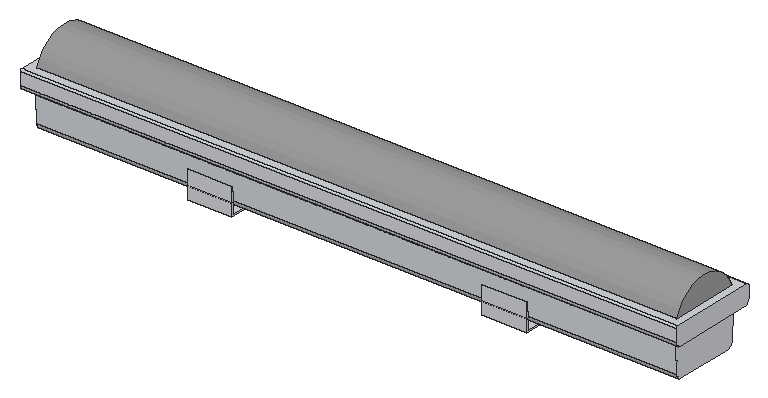
Revit family "0010205", category Lighting Fixtures, host Face, Revit 2017
Family settings
  Host = Face
  Round Connector Dimension = Use Diameter
  Part Type = Normal
  OmniClass Number = 23.80.70.00
  OmniClass Title = Lighting
  Cut with Voids When Loaded = No
  Light Source = Yes
  Shared = No
  Room Calculation Point = No
Parameters (values of type "0010205 RESISTO 600 IP66 2500LM 865")
  Weight = "0.88 kg"
  Wattage Comments = ""
  Wattage = 19 W
  WarrantyStartDate [instance] = "n/a"
  WarrantyGuarantorParts = "n/a"
  WarrantyDurationUnit = "n/a"
  WarrantyDurationParts = "n/a"
  WarrantyDescription = "n/a"
  WIDTH_SYL = 44.5 mm
  built-in parameter 1150110 = 1 (stored number, unit not read)
  Voltage = 0 V
  URL = "http://www.sylvania-lighting.com"
  TypeName = "Resisto  600 IP66 2500lm 865"
  Type Image = <None>
  Type Comments = "n/a"
  built-in parameter 1114217 = 1 (stored number, unit not read)
  Tilt Angle = -90.00°
  built-in parameter 1150109 = 1 (stored number, unit not read)
  built-in parameter 1150134 = 1
  TOP_WIDTH_SYL = 33.5 mm
  built-in parameter 1150113 = 1 (stored number, unit not read)
  SerialNumber [instance] = "n/a"
  Photometric Web File = "0010205.ies"
  Material_3_SYL = none
  PowerFactor = 1
  PowerConsumption = "19 W"
  NominalLength = 650 mm
  NominalHeight = 80 mm
  NominalDepth = 87 mm
  Name = "Resisto  600 IP66 2500lm 865"
  ModelReference = Name  # "Resisto  600 IP66 2500lm 865"
  ModelNumber = "0010205"
  Model = Name  # "Resisto  600 IP66 2500lm 865"
  Material = "pc polycarbonate housing, pc polycarbonate diffuser"
  ManufacturerName = "Feilo Sylvania"
  Manufacturer = "Feilo Sylvania"
  MID_WIDTH_SYL = 36 mm
  LuminousEfficacy = "132 lm/W"
  built-in parameter 1150105 = 833.01 (stored number, unit not read)
  Lumens = 2508 lm
  LuminaireType = ""
  built-in parameter 1150115 = 1 (stored number, unit not read)
  LightOutputRatio = "n/a"
  built-in parameter 1150137 = (empty or 0)
  built-in parameter 1150139 = (empty or 0)
  LampsType = Lamp  # "LED"
  LampNominalLuminous = "2500 lm"
  LampMacAdamStep = "5"
  LampColourTemperature = "6500 K"
  LampColourRenderingIndex = "80"
  built-in parameter 1150112 = 1 (stored number, unit not read)
  built-in parameter 1150114 = 1 (stored number, unit not read)
  Lamp = "LED"
  LENGHT_SYL = if(L1500_SYL, 742 mm, if(L1200_SYL, 592 mm, 317 mm))  # 317 mm
  LENGHT_CHAMFER_SYL = if(L1500_SYL, 750 mm, if(L1200_SYL, 600 mm, 325 mm))  # 325 mm
  LENGHT_650_SYL = 325 mm
  LENGHT-_SYL = if(L1500_SYL, -742 mm, if(L1200_SYL, -592 mm, -317 mm))  # -317 mm
  LENGHT-_CHAMFER_SYL = if(L1500_SYL, -750 mm, if(L1200_SYL, -600 mm, -325 mm))  # -325 mm
  LEGHT_650-_SYL = -325 mm
  LEGHT_1500_SYL = 750 mm
  LEGHT_1500-_SYL = -750 mm
  LEGHT_1200_SYL = 600 mm
  LEGHT_1200-_SYL = -600 mm
  L0650_SYL = yes
  L1500_SYL = no
  L1200_SYL = no
  Keynote = "16500"
  InstallationDate [instance] = "n/a"
  InputVoltage = "n/a"
  InputNominalFrequency = "n/a"
  built-in parameter 1150132 = (empty or 0)
  built-in parameter 1150102 = (empty or 0)
  built-in parameter 1150107 = 6500 (stored number, unit not read)
  built-in parameter 1150138 = (empty or 0)
  IngressProtection = "IP66"
  ImpactProtectionIndex = "IK08"
  built-in parameter 1150106 = 8.3301 (stored number, unit not read)
  IfcExportType = "IfcLightFixtureType"
  IfcExportAs = "IfcLightFixtureType"
  Emit from Circle Diameter = 609.6 mm
  Emit Shape Visible in Rendering = no
  ElectricShockClassification = "Class I"
  built-in parameter 1150104 = 12.263 (stored number, unit not read)
  DocumentationLiterature = "http://www.sylvania-lighting.com/product/en-int/products/0010205"
  DimmingControlOptions = "n/a"
  Material_2_SYL = none
  Dimming Lamp Color Temperature Shift = <None>
  Description = "Resisto, integrated LED weatherproof luminaire, with UV stabilized flat diffuser designed to achieve uniform lit appearance, optimise light output and to reduce glare. 301 stainless steel diffuser clips and fixing brackets for surface mounting. Polycarbonate housing and diffuser - no yellow discolouration over time. 2500lm; 19W; 132lm/W; 6500K; SDCM<5; non dimmable; CRI80; IP66; IK08; Class I; 69,000hrs (L80B20) lifespan; 650mm x 89mm x 88mm; D-mark."
  Default Elevation = 1219.2 mm
  DIF_WIDHT_SYL = 35 mm
  DIF_HEIGHT_SYL = 24 mm
  CreatedOn = "3/10/2021"
  CreatedBy = "@sylvania-lighting.com"
  Cost = 0
  Color Filter = 16777215
  built-in parameter 1114216 [instance] = (empty or 0)
  ClassificationValue = "EF_70_80"
  ClassificationName = "Uniclass2015"
  Material_1_SYL = Default
  CHAMFER_SYL = 19 mm
  BarCode [instance] = "n/a"
  built-in parameter 1114218 = 1 (stored number, unit not read)
  BRACKET_WIDTH_SYL = BRACKET_DIST_SYL - 44 mm  # 125 mm
  BRACKET_HEIGHT_SYL = 9 mm
  BRACKET_DIST_SYL = LENGHT_CHAMFER_SYL - 156 mm  # 169 mm
  BODY_SYL = 36 mm
  built-in parameter 1150133 = 10 (stored number, unit not read)
  AssetType = "Fixed"
  AssetIdentifier [instance] = "n/a"
  Assembly Code = "D5020200"
  Apparent Load = 19 VA
  Material_4_SYL = none
Reference planes
  plane 1 "Center (Front/Back)": y = 0
  plane 2: z = 0
  plane 3 "Center (Left/Right)": x = 0
  plane 4: z = 9
  plane 5: z = 45
  plane 6: z = 64
  plane 7: z = 88
  plane 8: y = -44.5
  plane 9: y = 44.5
  plane 10: y = -35
  plane 11: y = 35
  plane 12: y = 33.5
  plane 13: y = -33.5
  plane 14: y = -36
  plane 15: y = 36
  plane 16: z = 1
Forms (mm)
  Extrusion 1, solid
    sketch origin (319, 1524, 1219.2) x (0, 1, 0) y (0, 0, 1)
      loop
        line (-1552.835, -1210.2) -> (-1495.165, -1210.2)
        arc (-1495.165, -1210.2) -> (-1491.754, -1208.856) -> (-1490.177, -1205.546) r 5
        line (-1490.177, -1205.546) -> (-1488.323, -1178.854) -> (-1488, -1174.2) -> (-1560, -1174.2) -> (-1559.677, -1178.854) -> (-1557.823, -1205.546)
        arc (-1557.823, -1205.546) -> (-1556.246, -1208.856) -> (-1552.835, -1210.2) r 5
    from -317 <- "LENGHT-_SYL" to 317 <- "LENGHT_SYL"
  Extrusion 2, solid, material "Default" <- "Material_1_SYL"
    sketch origin (319, 1524, 1219.2) x (0, 1, 0) y (0, 0, 1)
      loop
        arc (-1490.5, -1155.2) -> (-1524, -1131.2) -> (-1557.5, -1155.2) r 35.38
        line (-1557.5, -1155.2) -> (-1490.5, -1155.2)
    from -317 <- "LENGHT-_SYL" to 317 <- "LENGHT_SYL"
  Extrusion 3, solid
    sketch origin (319, 1524, 1219.2) x (0, 1, 0) y (0, 0, 1)
      loop
        line (-1481.5, -1155.2) -> (-1566.5, -1155.2)
        arc (-1566.5, -1155.2) -> (-1567.914, -1155.786) -> (-1568.5, -1157.2) r 2
        line (-1568.5, -1157.2) -> (-1568.5, -1169.2)
        arc (-1568.5, -1169.2) -> (-1567.036, -1172.736) -> (-1563.5, -1174.2) r 5
        line (-1563.5, -1174.2) -> (-1484.5, -1174.2)
        arc (-1484.5, -1174.2) -> (-1480.964, -1172.736) -> (-1479.5, -1169.2) r 5
        line (-1479.5, -1169.2) -> (-1479.5, -1157.2)
        arc (-1479.5, -1157.2) -> (-1480.086, -1155.786) -> (-1481.5, -1155.2) r 2
    from -325 <- "LENGHT-_CHAMFER_SYL" to 325 <- "LENGHT_CHAMFER_SYL"
  Extrusion 4, solid
    sketch origin (319, 1524, 1219.2) x (0, 1, 0) y (0, 0, 1)
      loop
        line (-1489, -1219.2) -> (-1489, -1192.216) -> (-1490.5, -1192.216) -> (-1490.5, -1218.2) -> (-1557.5, -1218.2) -> (-1557.5, -1192.172) -> (-1559, -1192.172) -> (-1559, -1219.2) -> (-1489, -1219.2)
    from 125 <- "BRACKET_WIDTH_SYL" to 169 <- "BRACKET_DIST_SYL"
  Extrusion 5, solid
    sketch origin (321, 1524, 1219.2) x (0, 1, 0) y (0, 0, -1)
      loop
        line (-1489, 1219.2) -> (-1559, 1219.2) -> (-1559, 1192.172) -> (-1557.5, 1192.172) -> (-1557.5, 1218.2) -> (-1490.5, 1218.2) -> (-1490.5, 1192.216) -> (-1489, 1192.216) -> (-1489, 1219.2)
    from 125 <- "BRACKET_WIDTH_SYL" to 169 <- "BRACKET_DIST_SYL"
Dimensions and locks
  "BRACKET_HEIGHT_SYL": plane 4 to host face
  "BODY_SYL": plane 4 to plane 5
  "CHAMFER_SYL": plane 5 to plane 6
  "DIF_HEIGHT_SYL": plane 6 to plane 7
  "WIDTH_SYL": plane 9 to plane 1 "Center (Front/Back)" to plane 8
  "DIF_WIDHT_SYL": plane 11 to plane 1 "Center (Front/Back)" to plane 10
  "TOP_WIDTH_SYL": plane 12 to plane 1 "Center (Front/Back)" to plane 13
  "MID_WIDTH_SYL": plane 15 to plane 1 "Center (Front/Back)" to plane 14
  aligned and locked: plane 2 to host face
  aligned and locked: level to host face
  aligned and locked: Extrusion 3 sketch curve to plane 6
  aligned and locked: Extrusion 3 sketch curve to plane 9
  aligned and locked: plane 5 to Extrusion 3 sketch curve
  aligned and locked: plane 8 to Extrusion 3 sketch curve
Automatic sketch dimensions
  host sketch curve to host sketch curve = 2438.4 mm  (x2)
  plane 5 to Extrusion 1 sketch curve = 0 mm
  Extrusion 1 sketch curve to plane 14 = 0 mm
  plane 4 to Extrusion 1 sketch curve = 0 mm
  Extrusion 1 sketch curve to plane 15 = 0 mm
  Extrusion 1 sketch curve to plane 14 = 0.323 mm
  plane 13 to Extrusion 1 sketch curve = 0.323 mm
  Extrusion 1 sketch curve to plane 13 = 4.665 mm
  plane 12 to Extrusion 1 sketch curve = 4.665 mm
  Extrusion 1 sketch curve to plane 12 = 0.323 mm
  plane 15 to Extrusion 1 sketch curve = 0.323 mm
  Extrusion 1 sketch curve to plane 4 = 4.654 mm  (x2)
  plane 5 to Extrusion 1 sketch curve = 4.654 mm  (x2)
  plane 6 to Extrusion 2 sketch curve = 0 mm
  Extrusion 2 sketch curve to plane 13 = 0 mm
  Extrusion 2 sketch curve to plane 1 "Center (Front/Back)" = 0 mm
  Extrusion 2 sketch curve to plane 5 = 7.62 mm
  Extrusion 3 sketch curve to plane 8 = 2 mm
  plane 14 to Extrusion 3 sketch curve = 3.5 mm
  Extrusion 3 sketch curve to plane 15 = 3.5 mm
  plane 6 to Extrusion 3 sketch curve = 2 mm
  Extrusion 4 sketch curve to level = 0 mm
  Extrusion 4 sketch curve to plane 10 = 0 mm
  Extrusion 4 sketch curve to plane 13 = 0 mm
  Extrusion 4 sketch curve to plane 12 = 0 mm
  Extrusion 4 sketch curve to plane 11 = 0 mm
  plane 16 to Extrusion 4 sketch curve = 0 mm
  Extrusion 4 sketch curve to plane 4 = 17.984 mm
  plane 5 to Extrusion 4 sketch curve = 17.972 mm
  Extrusion 5 sketch curve to level = 0 mm
  Extrusion 5 sketch curve to plane 10 = 0 mm
  Extrusion 5 sketch curve to plane 13 = 0 mm
  Extrusion 5 sketch curve to plane 12 = 0 mm
  Extrusion 5 sketch curve to plane 11 = 0 mm
  plane 16 to Extrusion 5 sketch curve = 0 mm
  Extrusion 5 sketch curve to plane 4 = 17.984 mm
  plane 5 to Extrusion 5 sketch curve = 17.972 mm
Connectors
  electrical at (2, 0, 27)
    settings: on Extrusion 1, index 1, voltage 0 V, apparent load 0 VA, apparent load phase1 0 VA, apparent load phase2 0 VA, apparent load phase3 0 VA, power factor 1, load classification "Other", number of poles 1, system type 31, power factor state 1, is connector primary yes, connector utility no, sub classification motor no, connector description ""
Types (60, lengths in mm): name | Weight | Wattage | TypeName | built-in parameter 1150134 | Photometric Web File | PowerFactor | PowerConsumption | NominalLength | Name | ModelReference | ModelNumber | Model | LuminousEfficacy | built-in parameter 1150105 | Lumens | LampNominalLuminous | LampMacAdamStep | LampColourTemperature | LENGHT_SYL | LENGHT_CHAMFER_SYL | LENGHT-_SYL | LENGHT-_CHAMFER_SYL | L0650_SYL | L1500_SYL | L1200_SYL | built-in parameter 1150107 | built-in parameter 1150106 | built-in parameter 1150104 | DocumentationLiterature | Description | BRACKET_WIDTH_SYL | BRACKET_DIST_SYL | Apparent Load
  0010278 RESISTO 1500 HE IP66 8300LM 840 | "1.95 kg" | 54 W | "Resisto 1500 HE IP66 8300lm 840" | 12 | "0010278.ies" | 0.95 | "54 W" | 1500 | "Resisto 1500 HE IP66 8300lm 840" | "Resisto 1500 HE IP66 8300lm 840" | "0010278" | "Resisto 1500 HE IP66 8300lm 840" | "154 lm/W" | 2674.3 (stored number, unit not read) | 8316 lm | "8300 lm" | "3" | "4000 K" | 742 | 750 | -742 | -750 | no | yes | no | 4000 (stored number, unit not read) | 26.743 (stored number, unit not read) | 14.307 (stored number, unit not read) | "http://www.sylvania-lighting.com/product/en-int/products/0010278" | "Resisto, integrated LED weatherproof luminaire, with UV stabilized flat diffuser designed to achieve uniform lit appearance, optimise light output and to reduce glare. 301 stainless steel diffuser clips and fixing brackets for surface mounting. Polycarbonate housing and diffuser - no yellow discolouration over time. 8300lm; 54W; 154lm/W; 4000K; SDCM<3; non dimmable; CRI80; IP66; IK08; Class I; 69,000hrs (L80B20) lifespan; 1500mm x 89mm x 88mm; D-mark." | 550 | 594 | 54 VA
  0010274 RESISTO 1500 HE IP66 DALI 7100LM 840 | "2.01 kg" | 46 W | "Resisto 1500 HE IP66 DALI 7100lm 840" | 12 | "0010274.ies" | 0.98 | "46 W" | 1500 | "Resisto 1500 HE IP66 DALI 7100lm 840" | "Resisto 1500 HE IP66 DALI 7100lm 840" | "0010274" | "Resisto 1500 HE IP66 DALI 7100lm 840" | "154 lm/W" | 2362.2 (stored number, unit not read) | 7084 lm | "7100 lm" | "3" | "4000 K" | 742 | 750 | -742 | -750 | no | yes | no | 4000 (stored number, unit not read) | 23.622 (stored number, unit not read) | 14.307 (stored number, unit not read) | "http://www.sylvania-lighting.com/product/en-int/products/0010274" | "Resisto, integrated LED weatherproof luminaire, with UV stabilized flat diffuser designed to achieve uniform lit appearance, optimise light output and to reduce glare. 301 stainless steel diffuser clips and fixing brackets for surface mounting. Polycarbonate housing and diffuser - no yellow discolouration over time. 7100lm; 46W; 154lm/W; 4000K; SDCM<3; DALI dimmable; CRI80; IP66; IK08; Class I; 69,000hrs (L80B20) lifespan; 1500mm x 89mm x 88mm; D-mark." | 550 | 594 | 46 VA
  0010273 RESISTO 1500 HE IP66 DALI 4000LM 840 | "1.95 kg" | 25 W | "Resisto 1500 HE IP66 DALI 4000lm 840" | 12 | "0010273.ies" | 0.98 | "25 W" | 1500 | "Resisto 1500 HE IP66 DALI 4000lm 840" | "Resisto 1500 HE IP66 DALI 4000lm 840" | "0010273" | "Resisto 1500 HE IP66 DALI 4000lm 840" | "160 lm/W" | 1286.3 (stored number, unit not read) | 4000 lm | "4000 lm" | "3" | "4000 K" | 742 | 750 | -742 | -750 | no | yes | no | 4000 (stored number, unit not read) | 12.863 (stored number, unit not read) | 14.864 (stored number, unit not read) | "http://www.sylvania-lighting.com/product/en-int/products/0010273" | "Resisto, integrated LED weatherproof luminaire, with UV stabilized flat diffuser designed to achieve uniform lit appearance, optimise light output and to reduce glare. 301 stainless steel diffuser clips and fixing brackets for surface mounting. Polycarbonate housing and diffuser - no yellow discolouration over time. 4000lm; 25W; 160lm/W; 4000K; SDCM<3; DALI dimmable; CRI80; IP66; IK08; Class I; 69,000hrs (L80B20) lifespan; 1500mm x 89mm x 88mm; D-mark." | 550 | 594 | 25 VA
  0010272 RESISTO 1500 HE IP66 7100LM 840 EM | "2.58 kg" | 50 W | "Resisto 1500 HE IP66 7100lm 840 EM" | 12 | "0010272.ies" | 0.95 | "50 W" | 1500 | "Resisto 1500 HE IP66 7100lm 840 EM" | "Resisto 1500 HE IP66 7100lm 840 EM" | "0010272" | "Resisto 1500 HE IP66 7100lm 840 EM" | "142 lm/W" | 2367.5 (stored number, unit not read) | 7100 lm | "7100 lm" | "3" | "4000 K" | 742 | 750 | -742 | -750 | no | yes | no | 4000 (stored number, unit not read) | 23.675 (stored number, unit not read) | 13.192 (stored number, unit not read) | "http://www.sylvania-lighting.com/product/en-int/products/0010272" | "Resisto, integrated LED weatherproof luminaire, with UV stabilized flat diffuser designed to achieve uniform lit appearance, optimise light output and to reduce glare. 301 stainless steel diffuser clips and fixing brackets for surface mounting. Polycarbonate housing and diffuser - no yellow discolouration over time. 7100lm; 50W; 142lm/W; 4000K; SDCM<3; non dimmable; CRI80; IP66; IK08; Class I; 69,000hrs (L80B20) lifespan; 1500mm x 89mm x 88mm; D-mark; 3-hour maintained emergency batteries." | 550 | 594 | 50 VA
  0010271 RESISTO 1500 HE IP66 4000LM 840 EM | "2.51 kg" | 29 W | "Resisto 1500 HE IP66 4000lm 840 EM" | 12 | "0010271.ies" | 0.95 | "29 W" | 1500 | "Resisto 1500 HE IP66 4000lm 840 EM" | "Resisto 1500 HE IP66 4000lm 840 EM" | "0010271" | "Resisto 1500 HE IP66 4000lm 840 EM" | "138 lm/W" | 1287 (stored number, unit not read) | 4002 lm | "4000 lm" | "3" | "4000 K" | 742 | 750 | -742 | -750 | no | yes | no | 4000 (stored number, unit not read) | 12.87 (stored number, unit not read) | 12.821 (stored number, unit not read) | "http://www.sylvania-lighting.com/product/en-int/products/0010271" | "Resisto, integrated LED weatherproof luminaire, with UV stabilized flat diffuser designed to achieve uniform lit appearance, optimise light output and to reduce glare. 301 stainless steel diffuser clips and fixing brackets for surface mounting. Polycarbonate housing and diffuser - no yellow discolouration over time. 4000lm; 29W; 138lm/W; 4000K; SDCM<3; non dimmable; CRI80; IP66; IK08; Class I; 69,000hrs (L80B20) lifespan; 1500mm x 89mm x 88mm; D-mark; 3-hour maintained emergency batteries." | 550 | 594 | 29 VA
  0010269 RESISTO 1500 HE IP66 7100LM 840 | "1.95 kg" | 46 W | "Resisto  1500 HE IP66 7100lm 840" | 12 | "0010269.ies" | 0.95 | "46 W" | 1500 | "Resisto  1500 HE IP66 7100lm 840" | "Resisto  1500 HE IP66 7100lm 840" | "0010269" | "Resisto  1500 HE IP66 7100lm 840" | "154 lm/W" | 2362.2 (stored number, unit not read) | 7084 lm | "7100 lm" | "3" | "4000 K" | 742 | 750 | -742 | -750 | no | yes | no | 4000 (stored number, unit not read) | 23.622 (stored number, unit not read) | 14.307 (stored number, unit not read) | "http://www.sylvania-lighting.com/product/en-int/products/0010269" | "Resisto, integrated LED weatherproof luminaire, with UV stabilized flat diffuser designed to achieve uniform lit appearance, optimise light output and to reduce glare. 301 stainless steel diffuser clips and fixing brackets for surface mounting. Polycarbonate housing and diffuser - no yellow discolouration over time. 7100lm; 46W; 154lm/W; 4000K; SDCM<3; non dimmable; CRI80; IP66; IK08; Class I; 69,000hrs (L80B20) lifespan; 1500mm x 89mm x 88mm; D-mark." | 550 | 594 | 46 VA
  0010268 RESISTO 1500 HE IP66 4000LM 840 | "1.87 kg" | 25 W | "Resisto  1500 HE IP66 4000lm 840" | 12 | "0010268.ies" | 0.95 | "25 W" | 1500 | "Resisto  1500 HE IP66 4000lm 840" | "Resisto  1500 HE IP66 4000lm 840" | "0010268" | "Resisto  1500 HE IP66 4000lm 840" | "160 lm/W" | 1286.3 (stored number, unit not read) | 4000 lm | "4000 lm" | "3" | "4000 K" | 742 | 750 | -742 | -750 | no | yes | no | 4000 (stored number, unit not read) | 12.863 (stored number, unit not read) | 14.864 (stored number, unit not read) | "http://www.sylvania-lighting.com/product/en-int/products/0010268" | "Resisto, integrated LED weatherproof luminaire, with UV stabilized flat diffuser designed to achieve uniform lit appearance, optimise light output and to reduce glare. 301 stainless steel diffuser clips and fixing brackets for surface mounting. Polycarbonate housing and diffuser - no yellow discolouration over time. 4000lm; 25W; 160lm/W; 4000K; SDCM<3; non dimmable; CRI80; IP66; IK08; Class I; 69,000hrs (L80B20) lifespan; 1500mm x 89mm x 88mm; D-mark." | 550 | 594 | 25 VA
  0010261 RESISTO 1500 IP66 DALI 8300LM 840 | "2.01 kg" | 61 W | "Resisto  1500 IP66 DALI 8300lm 840" | 12 | "0010261.ies" | 0.99 | "61 W" | 1500 | "Resisto  1500 IP66 DALI 8300lm 840" | "Resisto  1500 IP66 DALI 8300lm 840" | "0010261" | "Resisto  1500 IP66 DALI 8300lm 840" | "136 lm/W" | 2792.8 (stored number, unit not read) | 8296 lm | "8300 lm" | "5" | "4000 K" | 742 | 750 | -742 | -750 | no | yes | no | 4000 (stored number, unit not read) | 27.928 (stored number, unit not read) | 12.635 (stored number, unit not read) | "http://www.sylvania-lighting.com/product/en-int/products/0010261" | "Resisto, integrated LED weatherproof luminaire, with UV stabilized flat diffuser designed to achieve uniform lit appearance, optimise light output and to reduce glare. 301 stainless steel diffuser clips and fixing brackets for surface mounting. Polycarbonate housing and diffuser - no yellow discolouration over time. 8300lm; 61W; 136lm/W; 4000K; SDCM<5; DALI dimmable; CRI80; IP66; IK08; Class I; 69,000hrs (L80B20) lifespan; 1500mm x 89mm x 88mm; D-mark." | 550 | 594 | 61 VA
  0010260 RESISTO 1500 IP66 DALI 7100LM 840 | "2.01 kg" | 52 W | "Resisto  1500 IP66 DALI 7100lm 840" | 12 | "0010260.ies" | 0.99 | "52 W" | 1500 | "Resisto  1500 IP66 DALI 7100lm 840" | "Resisto  1500 IP66 DALI 7100lm 840" | "0010260" | "Resisto  1500 IP66 DALI 7100lm 840" | "137 lm/W" | 2375.5 (stored number, unit not read) | 7124 lm | "7100 lm" | "5" | "4000 K" | 742 | 750 | -742 | -750 | no | yes | no | 4000 (stored number, unit not read) | 23.755 (stored number, unit not read) | 12.728 (stored number, unit not read) | "http://www.sylvania-lighting.com/product/en-int/products/0010260" | "Resisto, integrated LED weatherproof luminaire, with UV stabilized flat diffuser designed to achieve uniform lit appearance, optimise light output and to reduce glare. 301 stainless steel diffuser clips and fixing brackets for surface mounting. Polycarbonate housing and diffuser - no yellow discolouration over time. 7100lm; 52W; 137lm/W; 4000K; SDCM<5; DALI dimmable; CRI80; IP66; IK08; Class I; 69,000hrs (L80B20) lifespan; 1500mm x 89mm x 88mm; D-mark." | 550 | 594 | 52 VA
  0010259 RESISTO 1500 IP66 DALI 4000LM 840 | "1.95 kg" | 30 W | "Resisto  1500 IP66 DALI 4000lm 840" | 12 | "0010259.ies" | 0.98 | "30 W" | 1500 | "Resisto  1500 IP66 DALI 4000lm 840" | "Resisto  1500 IP66 DALI 4000lm 840" | "0010259" | "Resisto  1500 IP66 DALI 4000lm 840" | "133 lm/W" | 1283.1 (stored number, unit not read) | 3990 lm | "4000 lm" | "5" | "4000 K" | 742 | 750 | -742 | -750 | no | yes | no | 4000 (stored number, unit not read) | 12.831 (stored number, unit not read) | 12.356 (stored number, unit not read) | "http://www.sylvania-lighting.com/product/en-int/products/0010259" | "Resisto, integrated LED weatherproof luminaire, with UV stabilized flat diffuser designed to achieve uniform lit appearance, optimise light output and to reduce glare. 301 stainless steel diffuser clips and fixing brackets for surface mounting. Polycarbonate housing and diffuser - no yellow discolouration over time. 4000lm; 30W; 133lm/W; 4000K; SDCM<5; DALI dimmable; CRI80; IP66; IK08; Class I; 69,000hrs (L80B20) lifespan; 1500mm x 89mm x 88mm; D-mark." | 550 | 594 | 30 VA
  0010258 RESISTO 1500 IP66 MWCOR 7100LM 840 | "2.06 kg" | 52 W | "Resisto  1500 IP66 MWcor 7100lm 840" | 12 | "0010258.ies" | 0.99 | "52 W" | 1500 | "Resisto  1500 IP66 MWcor 7100lm 840" | "Resisto  1500 IP66 MWcor 7100lm 840" | "0010258" | "Resisto  1500 IP66 MWcor 7100lm 840" | "137 lm/W" | 2375.5 (stored number, unit not read) | 7124 lm | "7100 lm" | "5" | "4000 K" | 742 | 750 | -742 | -750 | no | yes | no | 4000 (stored number, unit not read) | 23.755 (stored number, unit not read) | 12.728 (stored number, unit not read) | "http://www.sylvania-lighting.com/product/en-int/products/0010258" | "Resisto, integrated LED weatherproof luminaire, with UV stabilized flat diffuser designed to achieve uniform lit appearance, optimise light output and to reduce glare. 301 stainless steel diffuser clips and fixing brackets for surface mounting. Polycarbonate housing and diffuser - no yellow discolouration over time. 7100lm; 52W; 137lm/W; 4000K; SDCM<5; non dimmable; CRI80; IP66; IK08; Class I; 69,000hrs (L80B20) lifespan; 1500mm x 89mm x 88mm; D-mark; corridor function with microwave presence sensor." | 550 | 594 | 52 VA
  0010257 RESISTO 1500 IP66 MWCOR 4000LM 840 | "2.0 kg" | 30 W | "Resisto  1500 IP66 MWcor 4000lm 840" | 12 | "0010257.ies" | 0.98 | "30 W" | 1500 | "Resisto  1500 IP66 MWcor 4000lm 840" | "Resisto  1500 IP66 MWcor 4000lm 840" | "0010257" | "Resisto  1500 IP66 MWcor 4000lm 840" | "133 lm/W" | 1283.1 (stored number, unit not read) | 3990 lm | "4000 lm" | "5" | "4000 K" | 742 | 750 | -742 | -750 | no | yes | no | 4000 (stored number, unit not read) | 12.831 (stored number, unit not read) | 12.356 (stored number, unit not read) | "http://www.sylvania-lighting.com/product/en-int/products/0010257" | "Resisto, integrated LED weatherproof luminaire, with UV stabilized flat diffuser designed to achieve uniform lit appearance, optimise light output and to reduce glare. 301 stainless steel diffuser clips and fixing brackets for surface mounting. Polycarbonate housing and diffuser - no yellow discolouration over time. 4000lm; 30W; 133lm/W; 4000K; SDCM<5; non dimmable; CRI80; IP66; IK08; Class I; 69,000hrs (L80B20) lifespan; 1500mm x 89mm x 88mm; D-mark; corridor function with microwave presence sensor." | 550 | 594 | 30 VA
  0010256 RESISTO 1500 IP66 MW 7100LM 840 | "2.0 kg" | 52 W | "Resisto  1500 IP66 MW 7100lm 840" | 12 | "0010256.ies" | 0.95 | "52 W" | 1500 | "Resisto  1500 IP66 MW 7100lm 840" | "Resisto  1500 IP66 MW 7100lm 840" | "0010256" | "Resisto  1500 IP66 MW 7100lm 840" | "137 lm/W" | 2375.5 (stored number, unit not read) | 7124 lm | "7100 lm" | "5" | "4000 K" | 742 | 750 | -742 | -750 | no | yes | no | 4000 (stored number, unit not read) | 23.755 (stored number, unit not read) | 12.728 (stored number, unit not read) | "http://www.sylvania-lighting.com/product/en-int/products/0010256" | "Resisto, integrated LED weatherproof luminaire, with UV stabilized flat diffuser designed to achieve uniform lit appearance, optimise light output and to reduce glare. 301 stainless steel diffuser clips and fixing brackets for surface mounting. Polycarbonate housing and diffuser - no yellow discolouration over time. 7100lm; 52W; 137lm/W; 4000K; SDCM<5; non dimmable; CRI80; IP66; IK08; Class I; 69,000hrs (L80B20) lifespan; 1500mm x 89mm x 88mm; D-mark; MW On/Off." | 550 | 594 | 52 VA
  0010255 RESISTO 1500 IP66 MW 4000LM 840 | "1.92 kg" | 30 W | "Resisto  1500 IP66 MW 4000lm 840" | 12 | "0010255.ies" | 0.95 | "30 W" | 1500 | "Resisto  1500 IP66 MW 4000lm 840" | "Resisto  1500 IP66 MW 4000lm 840" | "0010255" | "Resisto  1500 IP66 MW 4000lm 840" | "133 lm/W" | 1283.1 (stored number, unit not read) | 3990 lm | "4000 lm" | "5" | "4000 K" | 742 | 750 | -742 | -750 | no | yes | no | 4000 (stored number, unit not read) | 12.831 (stored number, unit not read) | 12.356 (stored number, unit not read) | "http://www.sylvania-lighting.com/product/en-int/products/0010255" | "Resisto, integrated LED weatherproof luminaire, with UV stabilized flat diffuser designed to achieve uniform lit appearance, optimise light output and to reduce glare. 301 stainless steel diffuser clips and fixing brackets for surface mounting. Polycarbonate housing and diffuser - no yellow discolouration over time. 4000lm; 30W; 133lm/W; 4000K; SDCM<5; non dimmable; CRI80; IP66; IK08; Class I; 69,000hrs (L80B20) lifespan; 1500mm x 89mm x 88mm; D-mark; MW On/Off." | 550 | 594 | 30 VA
  0010254 RESISTO 1500 IP66 7100LM 840 EM | "2.59 kg" | 56 W | "Resisto  1500 IP66 7100lm 840 EM" | 12 | "0010254.ies" | 0.95 | "56 W" | 1500 | "Resisto  1500 IP66 7100lm 840 EM" | "Resisto  1500 IP66 7100lm 840 EM" | "0010254" | "Resisto  1500 IP66 7100lm 840 EM" | "127 lm/W" | 2371.5 (stored number, unit not read) | 7112 lm | "7100 lm" | "5" | "4000 K" | 742 | 750 | -742 | -750 | no | yes | no | 4000 (stored number, unit not read) | 23.715 (stored number, unit not read) | 11.799 (stored number, unit not read) | "http://www.sylvania-lighting.com/product/en-int/products/0010254" | "Resisto, integrated LED weatherproof luminaire, with UV stabilized flat diffuser designed to achieve uniform lit appearance, optimise light output and to reduce glare. 301 stainless steel diffuser clips and fixing brackets for surface mounting. Polycarbonate housing and diffuser - no yellow discolouration over time. 7100lm; 56W; 127lm/W; 4000K; SDCM<5; non dimmable; CRI80; IP66; IK08; Class I; 69,000hrs (L80B20) lifespan; 1500mm x 89mm x 88mm; D-mark; 3-hour maintained emergency batteries." | 550 | 594 | 56 VA
  0010253 RESISTO 1500 IP66 4000LM 840 EM | "2.5 kg" | 34 W | "Resisto  1500 IP66 4000lm 840 EM" | 12 | "0010253.ies" | 0.95 | "34 W" | 1500 | "Resisto  1500 IP66 4000lm 840 EM" | "Resisto  1500 IP66 4000lm 840 EM" | "0010253" | "Resisto  1500 IP66 4000lm 840 EM" | "118 lm/W" | 1290.2 (stored number, unit not read) | 4012 lm | "4000 lm" | "5" | "4000 K" | 742 | 750 | -742 | -750 | no | yes | no | 4000 (stored number, unit not read) | 12.902 (stored number, unit not read) | 10.963 (stored number, unit not read) | "http://www.sylvania-lighting.com/product/en-int/products/0010253" | "Resisto, integrated LED weatherproof luminaire, with UV stabilized flat diffuser designed to achieve uniform lit appearance, optimise light output and to reduce glare. 301 stainless steel diffuser clips and fixing brackets for surface mounting. Polycarbonate housing and diffuser - no yellow discolouration over time. 4000lm; 34W; 118lm/W; 4000K; SDCM<5; non dimmable; CRI80; IP66; IK08; Class I; 69,000hrs (L80B20) lifespan; 1500mm x 89mm x 88mm; D-mark; 3-hour maintained emergency batteries." | 550 | 594 | 34 VA
  0010252 RESISTO 1500 IP66 7100LM 840 5XTH | "2.18 kg" | 52 W | "Resisto 1500 IP66 7100lm 840 5xTH" | 12 | "0010252.ies" | 0.95 | "52 W" | 1500 | "Resisto 1500 IP66 7100lm 840 5xTH" | "Resisto 1500 IP66 7100lm 840 5xTH" | "0010252" | "Resisto 1500 IP66 7100lm 840 5xTH" | "137 lm/W" | 2375.5 (stored number, unit not read) | 7124 lm | "7100 lm" | "5" | "4000 K" | 742 | 750 | -742 | -750 | no | yes | no | 4000 (stored number, unit not read) | 23.755 (stored number, unit not read) | 12.728 (stored number, unit not read) | "http://www.sylvania-lighting.com/product/en-int/products/0010252" | "Resisto, integrated LED weatherproof luminaire, with UV stabilized flat diffuser designed to achieve uniform lit appearance, optimise light output and to reduce glare. 301 stainless steel diffuser clips and fixing brackets for surface mounting. Polycarbonate housing and diffuser - no yellow discolouration over time. 7100lm; 52W; 137lm/W; 4000K; SDCM<5; non dimmable; CRI80; IP66; IK08; Class I; 69,000hrs (L80B20) lifespan; 1500mm x 89mm x 88mm; D-mark; through wiring." | 550 | 594 | 52 VA
  0010251 RESISTO 1500 IP66 4000LM 840 5XTH | "2.1 kg" | 30 W | "Resisto 1500 IP66 4000lm 840 5xTH" | 12 | "0010251.ies" | 0.95 | "30 W" | 1500 | "Resisto 1500 IP66 4000lm 840 5xTH" | "Resisto 1500 IP66 4000lm 840 5xTH" | "0010251" | "Resisto 1500 IP66 4000lm 840 5xTH" | "133 lm/W" | 1283.1 (stored number, unit not read) | 3990 lm | "4000 lm" | "5" | "4000 K" | 742 | 750 | -742 | -750 | no | yes | no | 4000 (stored number, unit not read) | 12.831 (stored number, unit not read) | 12.356 (stored number, unit not read) | "http://www.sylvania-lighting.com/product/en-int/products/0010251" | "Resisto, integrated LED weatherproof luminaire, with UV stabilized flat diffuser designed to achieve uniform lit appearance, optimise light output and to reduce glare. 301 stainless steel diffuser clips and fixing brackets for surface mounting. Polycarbonate housing and diffuser - no yellow discolouration over time. 4000lm; 30W; 133lm/W; 4000K; SDCM<5; non dimmable; CRI80; IP66; IK08; Class I; 69,000hrs (L80B20) lifespan; 1500mm x 89mm x 88mm; D-mark; through wiring." | 550 | 594 | 30 VA
  0010250 RESISTO 1500 IP66 7100LM 840 QC | "2.02 kg" | 52 W | "Resisto  1500 IP66 7100lm 840 QC" | 12 | "0010250.ies" | 0.95 | "52 W" | 1512 | "Resisto  1500 IP66 7100lm 840 QC" | "Resisto  1500 IP66 7100lm 840 QC" | "0010250" | "Resisto  1500 IP66 7100lm 840 QC" | "137 lm/W" | 2375.5 (stored number, unit not read) | 7124 lm | "7100 lm" | "5" | "4000 K" | 742 | 750 | -742 | -750 | no | yes | no | 4000 (stored number, unit not read) | 23.755 (stored number, unit not read) | 12.728 (stored number, unit not read) | "http://www.sylvania-lighting.com/product/en-int/products/0010250" | "Resisto, integrated LED weatherproof luminaire, with UV stabilized flat diffuser designed to achieve uniform lit appearance, optimise light output and to reduce glare. 301 stainless steel diffuser clips and fixing brackets for surface mounting. Polycarbonate housing and diffuser - no yellow discolouration over time. 7100lm; 52W; 137lm/W; 4000K; SDCM<5; non dimmable; CRI80; IP66; IK08; Class I; 69,000hrs (L80B20) lifespan; 1500mm x 89mm x 88mm; D-mark; assembled with quick connector." | 550 | 594 | 52 VA
  0010249 RESISTO 1500 IP66 4000LM 840 QC | "1.94 kg" | 30 W | "Resisto  1500 IP66 4000lm 840 QC" | 12 | "0010249.ies" | 0.95 | "30 W" | 1512 | "Resisto  1500 IP66 4000lm 840 QC" | "Resisto  1500 IP66 4000lm 840 QC" | "0010249" | "Resisto  1500 IP66 4000lm 840 QC" | "133 lm/W" | 1283.1 (stored number, unit not read) | 3990 lm | "4000 lm" | "5" | "4000 K" | 742 | 750 | -742 | -750 | no | yes | no | 4000 (stored number, unit not read) | 12.831 (stored number, unit not read) | 12.356 (stored number, unit not read) | "http://www.sylvania-lighting.com/product/en-int/products/0010249" | "Resisto, integrated LED weatherproof luminaire, with UV stabilized flat diffuser designed to achieve uniform lit appearance, optimise light output and to reduce glare. 301 stainless steel diffuser clips and fixing brackets for surface mounting. Polycarbonate housing and diffuser - no yellow discolouration over time. 4000lm; 30W; 133lm/W; 4000K; SDCM<5; non dimmable; CRI80; IP66; IK08; Class I; 69,000hrs (L80B20) lifespan; 1500mm x 89mm x 88mm; D-mark; assembled with quick connector." | 550 | 594 | 30 VA
  0010248 RESISTO 1500 IP66 8300LM 865 | "1.95 kg" | 61 W | "Resisto  1500 IP66 8300lm 865" | 1 | "0010248.ies" | 0.95 | "61 W" | 1500 | "Resisto  1500 IP66 8300lm 865" | "Resisto  1500 IP66 8300lm 865" | "0010248" | "Resisto  1500 IP66 8300lm 865" | "136 lm/W" | 2792.8 (stored number, unit not read) | 8296 lm | "8300 lm" | "5" | "6500 K" | 742 | 750 | -742 | -750 | no | yes | no | 6500 (stored number, unit not read) | 27.928 (stored number, unit not read) | 12.635 (stored number, unit not read) | "http://www.sylvania-lighting.com/product/en-int/products/0010248" | "Resisto, integrated LED weatherproof luminaire, with UV stabilized flat diffuser designed to achieve uniform lit appearance, optimise light output and to reduce glare. 301 stainless steel diffuser clips and fixing brackets for surface mounting. Polycarbonate housing and diffuser - no yellow discolouration over time. 8300lm; 61W; 136lm/W; 6500K; SDCM<5; non dimmable; CRI80; IP66; IK08; Class I; 69,000hrs (L80B20) lifespan; 1500mm x 89mm x 88mm; D-mark." | 550 | 594 | 61 VA
  0010247 RESISTO 1500 IP66 7100LM 865 | "1.95 kg" | 52 W | "Resisto  1500 IP66 7100lm 865" | 1 | "0010247.ies" | 0.95 | "52 W" | 1500 | "Resisto  1500 IP66 7100lm 865" | "Resisto  1500 IP66 7100lm 865" | "0010247" | "Resisto  1500 IP66 7100lm 865" | "137 lm/W" | 2375.5 (stored number, unit not read) | 7124 lm | "7100 lm" | "5" | "6500 K" | 742 | 750 | -742 | -750 | no | yes | no | 6500 (stored number, unit not read) | 23.755 (stored number, unit not read) | 12.728 (stored number, unit not read) | "http://www.sylvania-lighting.com/product/en-int/products/0010247" | "Resisto, integrated LED weatherproof luminaire, with UV stabilized flat diffuser designed to achieve uniform lit appearance, optimise light output and to reduce glare. 301 stainless steel diffuser clips and fixing brackets for surface mounting. Polycarbonate housing and diffuser - no yellow discolouration over time. 7100lm; 52W; 137lm/W; 6500K; SDCM<5; non dimmable; CRI80; IP66; IK08; Class I; 69,000hrs (L80B20) lifespan; 1500mm x 89mm x 88mm; D-mark." | 550 | 594 | 52 VA
  0010246 RESISTO 1500 IP66 4000LM 865 | "1.87 kg" | 30 W | "Resisto  1500 IP66 4000lm 865" | 1 | "0010246.ies" | 0.95 | "30 W" | 1500 | "Resisto  1500 IP66 4000lm 865" | "Resisto  1500 IP66 4000lm 865" | "0010246" | "Resisto  1500 IP66 4000lm 865" | "133 lm/W" | 1283.1 (stored number, unit not read) | 3990 lm | "4000 lm" | "5" | "6500 K" | 742 | 750 | -742 | -750 | no | yes | no | 6500 (stored number, unit not read) | 12.831 (stored number, unit not read) | 12.356 (stored number, unit not read) | "http://www.sylvania-lighting.com/product/en-int/products/0010246" | "Resisto, integrated LED weatherproof luminaire, with UV stabilized flat diffuser designed to achieve uniform lit appearance, optimise light output and to reduce glare. 301 stainless steel diffuser clips and fixing brackets for surface mounting. Polycarbonate housing and diffuser - no yellow discolouration over time. 4000lm; 30W; 133lm/W; 6500K; SDCM<5; non dimmable; CRI80; IP66; IK08; Class I; 69,000hrs (L80B20) lifespan; 1500mm x 89mm x 88mm; D-mark." | 550 | 594 | 30 VA
  0010245 RESISTO 1500 IP66 8300LM 840 | "15.48 kg" | 61 W | "Resisto  1500 IP66 8300lm 840" | 12 | "0010245.ies" | 0.95 | "61.0 W" | 1500 | "Resisto  1500 IP66 8300lm 840" | "Resisto  1500 IP66 8300lm 840" | "0010245" | "Resisto  1500 IP66 8300lm 840" | "136 lm/W" | -23179853.6 (stored number, unit not read) | 8296 lm | "8300 lm" | "5" | "4000 K" | 742 | 750 | -742 | -750 | no | yes | no | 4000 (stored number, unit not read) | -231798.5 (stored number, unit not read) | 12.635 (stored number, unit not read) | "http://www.sylvania-lighting.com/product/en-int/products/0010245" | "Resisto, integrated LED weatherproof luminaire, with UV stabilized flat diffuser designed to achieve uniform lit appearance, optimise light output and to reduce glare. 301 stainless steel diffuser clips and fixing brackets for surface mounting. Polycarbonate housing and diffuser - no yellow discolouration over time. 8300lm; 61W; 136lm/W; 4000K; SDCM<5; non dimmable; CRI80; IP66; IK08; Class I; 69,000hrs (L80B20) lifespan; 1500mm x 89mm x 88mm; D-mark." | 550 | 594 | 61 VA
  0010244 RESISTO 1500 IP66 7100LM 840 | "15.48 kg" | 52 W | "Resisto  1500 IP66 7100lm 840" | 12 | "0010244.ies" | 0.95 | "52.0 W" | 1500 | "Resisto  1500 IP66 7100lm 840" | "Resisto  1500 IP66 7100lm 840" | "0010244" | "Resisto  1500 IP66 7100lm 840" | "137 lm/W" | -16865856.3 (stored number, unit not read) | 7124 lm | "7100 lm" | "5" | "4000 K" | 742 | 750 | -742 | -750 | no | yes | no | 4000 (stored number, unit not read) | -168658.6 (stored number, unit not read) | 12.728 (stored number, unit not read) | "http://www.sylvania-lighting.com/product/en-int/products/0010244" | "Resisto, integrated LED weatherproof luminaire, with UV stabilized flat diffuser designed to achieve uniform lit appearance, optimise light output and to reduce glare. 301 stainless steel diffuser clips and fixing brackets for surface mounting. Polycarbonate housing and diffuser - no yellow discolouration over time. 7100lm; 52W; 137lm/W; 4000K; SDCM<5; non dimmable; CRI80; IP66; IK08; Class I; 69,000hrs (L80B20) lifespan; 1500mm x 89mm x 88mm; D-mark." | 550 | 594 | 52 VA
  0010243 RESISTO 1500 IP66 4000LM 840 | "1.87 kg" | 30 W | "Resisto  1500 IP66 4000lm 840" | 12 | "0010243.ies" | 0.95 | "30 W" | 1500 | "Resisto  1500 IP66 4000lm 840" | "Resisto  1500 IP66 4000lm 840" | "0010243" | "Resisto  1500 IP66 4000lm 840" | "133 lm/W" | 1283.1 (stored number, unit not read) | 3990 lm | "4000 lm" | "5" | "4000 K" | 742 | 750 | -742 | -750 | no | yes | no | 4000 (stored number, unit not read) | 12.831 (stored number, unit not read) | 12.356 (stored number, unit not read) | "http://www.sylvania-lighting.com/product/en-int/products/0010243" | "Resisto, integrated LED weatherproof luminaire, with UV stabilized flat diffuser designed to achieve uniform lit appearance, optimise light output and to reduce glare. 301 stainless steel diffuser clips and fixing brackets for surface mounting. Polycarbonate housing and diffuser - no yellow discolouration over time. 4000lm; 30W; 133lm/W; 4000K; SDCM<5; non dimmable; CRI80; IP66; IK08; Class I; 69,000hrs (L80B20) lifespan; 1500mm x 89mm x 88mm; D-mark." | 550 | 594 | 30 VA
  0010242 RESISTO 1500 IP66 8300LM 830 | "1.95 kg" | 61 W | "Resisto  1500 IP66 8300lm 830" | (empty or 0) | "0010242.ies" | 0.95 | "61 W" | 1500 | "Resisto  1500 IP66 8300lm 830" | "Resisto  1500 IP66 8300lm 830" | "0010242" | "Resisto  1500 IP66 8300lm 830" | "136 lm/W" | 2792.8 (stored number, unit not read) | 8296 lm | "8300 lm" | "5" | "3000 K" | 742 | 750 | -742 | -750 | no | yes | no | 3000 (stored number, unit not read) | 27.928 (stored number, unit not read) | 12.635 (stored number, unit not read) | "http://www.sylvania-lighting.com/product/en-int/products/0010242" | "Resisto, integrated LED weatherproof luminaire, with UV stabilized flat diffuser designed to achieve uniform lit appearance, optimise light output and to reduce glare. 301 stainless steel diffuser clips and fixing brackets for surface mounting. Polycarbonate housing and diffuser - no yellow discolouration over time. 8300lm; 61W; 136lm/W; 3000K; SDCM<5; non dimmable; CRI80; IP66; IK08; Class I; 69,000hrs (L80B20) lifespan; 1500mm x 89mm x 88mm; D-mark." | 550 | 594 | 61 VA
  0010241 RESISTO 1500 IP66 7100LM 830 | "1.95 kg" | 52 W | "Resisto  1500 IP66 7100lm 830" | (empty or 0) | "0010241.ies" | 0.95 | "52 W" | 1500 | "Resisto  1500 IP66 7100lm 830" | "Resisto  1500 IP66 7100lm 830" | "0010241" | "Resisto  1500 IP66 7100lm 830" | "137 lm/W" | 2375.5 (stored number, unit not read) | 7124 lm | "7100 lm" | "5" | "3000 K" | 742 | 750 | -742 | -750 | no | yes | no | 3000 (stored number, unit not read) | 23.755 (stored number, unit not read) | 12.728 (stored number, unit not read) | "http://www.sylvania-lighting.com/product/en-int/products/0010241" | "Resisto, integrated LED weatherproof luminaire, with UV stabilized flat diffuser designed to achieve uniform lit appearance, optimise light output and to reduce glare. 301 stainless steel diffuser clips and fixing brackets for surface mounting. Polycarbonate housing and diffuser - no yellow discolouration over time. 7100lm; 52W; 137lm/W; 3000K; SDCM<5; non dimmable; CRI80; IP66; IK08; Class I; 69,000hrs (L80B20) lifespan; 1500mm x 89mm x 88mm; D-mark." | 550 | 594 | 52 VA
  0010240 RESISTO 1500 IP66 4000LM 830 | "1.87 kg" | 30 W | "Resisto  1500 IP66 4000lm 830" | (empty or 0) | "0010240.ies" | 0.95 | "30 W" | 1500 | "Resisto  1500 IP66 4000lm 830" | "Resisto  1500 IP66 4000lm 830" | "0010240" | "Resisto  1500 IP66 4000lm 830" | "133 lm/W" | 1283.1 (stored number, unit not read) | 3990 lm | "4000 lm" | "5" | "3000 K" | 742 | 750 | -742 | -750 | no | yes | no | 3000 (stored number, unit not read) | 12.831 (stored number, unit not read) | 12.356 (stored number, unit not read) | "http://www.sylvania-lighting.com/product/en-int/products/0010240" | "Resisto, integrated LED weatherproof luminaire, with UV stabilized flat diffuser designed to achieve uniform lit appearance, optimise light output and to reduce glare. 301 stainless steel diffuser clips and fixing brackets for surface mounting. Polycarbonate housing and diffuser - no yellow discolouration over time. 4000lm; 30W; 133lm/W; 3000K; SDCM<5; non dimmable; CRI80; IP66; IK08; Class I; 69,000hrs (L80B20) lifespan; 1500mm x 89mm x 88mm; D-mark." | 550 | 594 | 30 VA
  0010237 RESISTO 1200 HE IP66 DALI 4800LM 840 | "1.59 kg" | 31 W | "Resisto  1200 HE IP66 DALI 4800lm 840" | 12 | "0010237.ies" | 0.98 | "31 W" | 1200 | "Resisto  1200 HE IP66 DALI 4800lm 840" | "Resisto  1200 HE IP66 DALI 4800lm 840" | "0010237" | "Resisto  1200 HE IP66 DALI 4800lm 840" | "155 lm/W" | 1587 (stored number, unit not read) | 4805 lm | "4800 lm" | "3" | "4000 K" | 592 | 600 | -592 | -600 | no | no | yes | 4000 (stored number, unit not read) | 15.87 (stored number, unit not read) | 14.4 (stored number, unit not read) | "http://www.sylvania-lighting.com/product/en-int/products/0010237" | "Resisto, integrated LED weatherproof luminaire, with UV stabilized flat diffuser designed to achieve uniform lit appearance, optimise light output and to reduce glare. 301 stainless steel diffuser clips and fixing brackets for surface mounting. Polycarbonate housing and diffuser - no yellow discolouration over time. 4800lm; 31W; 155lm/W; 4000K; SDCM<3; DALI dimmable; CRI80; IP66; IK08; Class I; 69,000hrs (L80B20) lifespan; 1200mm x 89mm x 88mm; D-mark." | 400 | 444 | 31 VA
  0010236 RESISTO 1200 HE IP66 DALI 2800LM 840 | "1.51 kg" | 18 W | "Resisto  1200 HE IP66 DALI 2800lm 840" | 12 | "0010236.ies" | 0.98 | "18 W" | 1200 | "Resisto  1200 HE IP66 DALI 2800lm 840" | "Resisto  1200 HE IP66 DALI 2800lm 840" | "0010236" | "Resisto  1200 HE IP66 DALI 2800lm 840" | "156 lm/W" | 922.88 (stored number, unit not read) | 2808 lm | "2800 lm" | "3" | "4000 K" | 592 | 600 | -592 | -600 | no | no | yes | 4000 (stored number, unit not read) | 9.2288 (stored number, unit not read) | 14.493 (stored number, unit not read) | "http://www.sylvania-lighting.com/product/en-int/products/0010236" | "Resisto, integrated LED weatherproof luminaire, with UV stabilized flat diffuser designed to achieve uniform lit appearance, optimise light output and to reduce glare. 301 stainless steel diffuser clips and fixing brackets for surface mounting. Polycarbonate housing and diffuser - no yellow discolouration over time. 2800lm; 18W; 156lm/W; 4000K; SDCM<3; DALI dimmable; CRI80; IP66; IK08; Class I; 69,000hrs (L80B20) lifespan; 1200mm x 89mm x 88mm; D-mark." | 400 | 444 | 18 VA
  0010235 RESISTO 1200 HE IP66 4800LM 840 EM | "2.12 kg" | 35 W | "Resisto  1200 HE IP66 4800lm 840 EM" | 12 | "0010235.ies" | 0.95 | "35 W" | 1200 | "Resisto  1200 HE IP66 4800lm 840 EM" | "Resisto  1200 HE IP66 4800lm 840 EM" | "0010235" | "Resisto  1200 HE IP66 4800lm 840 EM" | "137 lm/W" | 1583.6 (stored number, unit not read) | 4795 lm | "4800 lm" | "3" | "4000 K" | 592 | 600 | -592 | -600 | no | no | yes | 4000 (stored number, unit not read) | 15.836 (stored number, unit not read) | 12.728 (stored number, unit not read) | "http://www.sylvania-lighting.com/product/en-int/products/0010235" | "Resisto, integrated LED weatherproof luminaire, with UV stabilized flat diffuser designed to achieve uniform lit appearance, optimise light output and to reduce glare. 301 stainless steel diffuser clips and fixing brackets for surface mounting. Polycarbonate housing and diffuser - no yellow discolouration over time. 4800lm; 35W; 137lm/W; 4000K; SDCM<3; non dimmable; CRI80; IP66; IK08; Class I; 69,000hrs (L80B20) lifespan; 1200mm x 89mm x 88mm; D-mark; 3-hour maintained emergency batteries." | 400 | 444 | 35 VA
  0010234 RESISTO 1200 HE IP66 2800LM 840 EM | "2.12 kg" | 22 W | "Resisto  1200 HE IP66 2800lm 840 EM" | 12 | "0010234.ies" | 0.95 | "22 W" | 1200 | "Resisto  1200 HE IP66 2800lm 840 EM" | "Resisto  1200 HE IP66 2800lm 840 EM" | "0010234" | "Resisto  1200 HE IP66 2800lm 840 EM" | "127 lm/W" | 918.28 (stored number, unit not read) | 2794 lm | "2800 lm" | "3" | "4000 K" | 592 | 600 | -592 | -600 | no | no | yes | 4000 (stored number, unit not read) | 9.1828 (stored number, unit not read) | 11.799 (stored number, unit not read) | "http://www.sylvania-lighting.com/product/en-int/products/0010234" | "Resisto, integrated LED weatherproof luminaire, with UV stabilized flat diffuser designed to achieve uniform lit appearance, optimise light output and to reduce glare. 301 stainless steel diffuser clips and fixing brackets for surface mounting. Polycarbonate housing and diffuser - no yellow discolouration over time. 2800lm; 22W; 127lm/W; 4000K; SDCM<3; non dimmable; CRI80; IP66; IK08; Class I; 69,000hrs (L80B20) lifespan; 1200mm x 89mm x 88mm; D-mark; 3-hour maintained emergency batteries." | 400 | 444 | 22 VA
  0010233 RESISTO 1200 HE IP66 4800LM 840 | "1.51 kg" | 31 W | "Resisto  1200 HE IP66 4800lm 840" | 12 | "0010233.ies" | 0.95 | "31 W" | 1200 | "Resisto  1200 HE IP66 4800lm 840" | "Resisto  1200 HE IP66 4800lm 840" | "0010233" | "Resisto  1200 HE IP66 4800lm 840" | "155 lm/W" | 1587 (stored number, unit not read) | 4805 lm | "4800 lm" | "3" | "4000 K" | 592 | 600 | -592 | -600 | no | no | yes | 4000 (stored number, unit not read) | 15.87 (stored number, unit not read) | 14.4 (stored number, unit not read) | "http://www.sylvania-lighting.com/product/en-int/products/0010233" | "Resisto, integrated LED weatherproof luminaire, with UV stabilized flat diffuser designed to achieve uniform lit appearance, optimise light output and to reduce glare. 301 stainless steel diffuser clips and fixing brackets for surface mounting. Polycarbonate housing and diffuser - no yellow discolouration over time. 4800lm; 31W; 155lm/W; 4000K; SDCM<3; non dimmable; CRI80; IP66; IK08; Class I; 69,000hrs (L80B20) lifespan; 1200mm x 89mm x 88mm; D-mark." | 400 | 444 | 31 VA
  0010232 RESISTO 1200 HE IP66 2800LM 840 | "1.5 kg" | 18 W | "Resisto  1200 HE IP66 2800lm 840" | 12 | "0010232.ies" | 0.95 | "18 W" | 1200 | "Resisto  1200 HE IP66 2800lm 840" | "Resisto  1200 HE IP66 2800lm 840" | "0010232" | "Resisto  1200 HE IP66 2800lm 840" | "156 lm/W" | 922.88 (stored number, unit not read) | 2808 lm | "2800 lm" | "3" | "4000 K" | 592 | 600 | -592 | -600 | no | no | yes | 4000 (stored number, unit not read) | 9.2288 (stored number, unit not read) | 14.493 (stored number, unit not read) | "http://www.sylvania-lighting.com/product/en-int/products/0010232" | "Resisto, integrated LED weatherproof luminaire, with UV stabilized flat diffuser designed to achieve uniform lit appearance, optimise light output and to reduce glare. 301 stainless steel diffuser clips and fixing brackets for surface mounting. Polycarbonate housing and diffuser - no yellow discolouration over time. 2800lm; 18W; 156lm/W; 4000K; SDCM<3; non dimmable; CRI80; IP66; IK08; Class I; 69,000hrs (L80B20) lifespan; 1200mm x 89mm x 88mm; D-mark." | 400 | 444 | 18 VA
  0010225 RESISTO 1200 IP66 DALI 4800LM 840 | "1.62 kg" | 35 W | "Resisto  1200 IP66 DALI 4800lm 840" | 12 | "0010225.ies" | 0.98 | "35 W" | 1200 | "Resisto  1200 IP66 DALI 4800lm 840" | "Resisto  1200 IP66 DALI 4800lm 840" | "0010225" | "Resisto  1200 IP66 DALI 4800lm 840" | "137 lm/W" | 1583.6 (stored number, unit not read) | 4795 lm | "4800 lm" | "5" | "4000 K" | 592 | 600 | -592 | -600 | no | no | yes | 4000 (stored number, unit not read) | 15.836 (stored number, unit not read) | 12.728 (stored number, unit not read) | "http://www.sylvania-lighting.com/product/en-int/products/0010225" | "Resisto, integrated LED weatherproof luminaire, with UV stabilized flat diffuser designed to achieve uniform lit appearance, optimise light output and to reduce glare. 301 stainless steel diffuser clips and fixing brackets for surface mounting. Polycarbonate housing and diffuser - no yellow discolouration over time. 4800lm; 35W; 137lm/W; 4000K; SDCM<5; DALI dimmable; CRI80; IP66; IK08; Class I; 69,000hrs (L80B20) lifespan; 1200mm x 89mm x 88mm; D-mark." | 400 | 444 | 35 VA
  0010224 RESISTO 1200 IP66 DALI 2800LM 840 | "1.59 kg" | 21 W | "Resisto  1200 IP66 DALI 2800lm 840" | 12 | "0010224.ies" | 0.98 | "21 W" | 1200 | "Resisto  1200 IP66 DALI 2800lm 840" | "Resisto  1200 IP66 DALI 2800lm 840" | "0010224" | "Resisto  1200 IP66 DALI 2800lm 840" | "133 lm/W" | 917.95 (stored number, unit not read) | 2793 lm | "2800 lm" | "5" | "4000 K" | 592 | 600 | -592 | -600 | no | no | yes | 4000 (stored number, unit not read) | 9.1795 (stored number, unit not read) | 12.356 (stored number, unit not read) | "http://www.sylvania-lighting.com/product/en-int/products/0010224" | "Resisto, integrated LED weatherproof luminaire, with UV stabilized flat diffuser designed to achieve uniform lit appearance, optimise light output and to reduce glare. 301 stainless steel diffuser clips and fixing brackets for surface mounting. Polycarbonate housing and diffuser - no yellow discolouration over time. 2800lm; 21W; 133lm/W; 4000K; SDCM<5; DALI dimmable; CRI80; IP66; IK08; Class I; 69,000hrs (L80B20) lifespan; 1200mm x 89mm x 88mm; D-mark." | 400 | 444 | 21 VA
  0010223 RESISTO 1200 IP66 MWCOR 4800LM 840 | "1.72 kg" | 35 W | "Resisto  1200 IP66 MWcor 4800lm 840" | 12 | "0010223.ies" | 0.98 | "35 W" | 1200 | "Resisto  1200 IP66 MWcor 4800lm 840" | "Resisto  1200 IP66 MWcor 4800lm 840" | "0010223" | "Resisto  1200 IP66 MWcor 4800lm 840" | "137 lm/W" | 1583.6 (stored number, unit not read) | 4795 lm | "4800 lm" | "5" | "4000 K" | 592 | 600 | -592 | -600 | no | no | yes | 4000 (stored number, unit not read) | 15.836 (stored number, unit not read) | 12.728 (stored number, unit not read) | "http://www.sylvania-lighting.com/product/en-int/products/0010223" | "Resisto, integrated LED weatherproof luminaire, with UV stabilized flat diffuser designed to achieve uniform lit appearance, optimise light output and to reduce glare. 301 stainless steel diffuser clips and fixing brackets for surface mounting. Polycarbonate housing and diffuser - no yellow discolouration over time. 4800lm; 35W; 137lm/W; 4000K; SDCM<5; non dimmable; CRI80; IP66; IK08; Class I; 69,000hrs (L80B20) lifespan; 1200mm x 89mm x 88mm; D-mark; corridor function with microwave presence sensor." | 400 | 444 | 35 VA
  0010222 RESISTO 1200 IP66 MWCOR 2800LM 840 | "1.64 kg" | 21 W | "Resisto  1200 IP66 MWcor 2800lm 840" | 12 | "0010222.ies" | 0.98 | "21 W" | 1200 | "Resisto  1200 IP66 MWcor 2800lm 840" | "Resisto  1200 IP66 MWcor 2800lm 840" | "0010222" | "Resisto  1200 IP66 MWcor 2800lm 840" | "133 lm/W" | 917.95 (stored number, unit not read) | 2793 lm | "2800 lm" | "5" | "4000 K" | 592 | 600 | -592 | -600 | no | no | yes | 4000 (stored number, unit not read) | 9.1795 (stored number, unit not read) | 12.356 (stored number, unit not read) | "http://www.sylvania-lighting.com/product/en-int/products/0010222" | "Resisto, integrated LED weatherproof luminaire, with UV stabilized flat diffuser designed to achieve uniform lit appearance, optimise light output and to reduce glare. 301 stainless steel diffuser clips and fixing brackets for surface mounting. Polycarbonate housing and diffuser - no yellow discolouration over time. 2800lm; 21W; 133lm/W; 4000K; SDCM<5; non dimmable; CRI80; IP66; IK08; Class I; 69,000hrs (L80B20) lifespan; 1200mm x 89mm x 88mm; D-mark; corridor function with microwave presence sensor." | 400 | 444 | 21 VA
  0010221 RESISTO 1200 IP66 MW 4800LM 840 | "1.59 kg" | 35 W | "Resisto  1200 IP66 MW 4800lm 840" | 12 | "0010221.ies" | 0.95 | "35 W" | 1200 | "Resisto  1200 IP66 MW 4800lm 840" | "Resisto  1200 IP66 MW 4800lm 840" | "0010221" | "Resisto  1200 IP66 MW 4800lm 840" | "137 lm/W" | 1583.6 (stored number, unit not read) | 4795 lm | "4800 lm" | "5" | "4000 K" | 592 | 600 | -592 | -600 | no | no | yes | 4000 (stored number, unit not read) | 15.836 (stored number, unit not read) | 12.728 (stored number, unit not read) | "http://www.sylvania-lighting.com/product/en-int/products/0010221" | "Resisto, integrated LED weatherproof luminaire, with UV stabilized flat diffuser designed to achieve uniform lit appearance, optimise light output and to reduce glare. 301 stainless steel diffuser clips and fixing brackets for surface mounting. Polycarbonate housing and diffuser - no yellow discolouration over time. 4800lm; 35W; 137lm/W; 4000K; SDCM<5; non dimmable; CRI80; IP66; IK08; Class I; 69,000hrs (L80B20) lifespan; 1200mm x 89mm x 88mm; D-mark; MW On/Off." | 400 | 444 | 35 VA
  0010220 RESISTO 1200 IP66 MW 2800LM 840 | "1.55 kg" | 21 W | "Resisto  1200 IP66 MW 2800lm 840" | 12 | "0010220.ies" | 0.95 | "21 W" | 1200 | "Resisto  1200 IP66 MW 2800lm 840" | "Resisto  1200 IP66 MW 2800lm 840" | "0010220" | "Resisto  1200 IP66 MW 2800lm 840" | "133 lm/W" | 917.95 (stored number, unit not read) | 2793 lm | "2800 lm" | "5" | "4000 K" | 592 | 600 | -592 | -600 | no | no | yes | 4000 (stored number, unit not read) | 9.1795 (stored number, unit not read) | 12.356 (stored number, unit not read) | "http://www.sylvania-lighting.com/product/en-int/products/0010220" | "Resisto, integrated LED weatherproof luminaire, with UV stabilized flat diffuser designed to achieve uniform lit appearance, optimise light output and to reduce glare. 301 stainless steel diffuser clips and fixing brackets for surface mounting. Polycarbonate housing and diffuser - no yellow discolouration over time. 2800lm; 21W; 133lm/W; 4000K; SDCM<5; non dimmable; CRI80; IP66; IK08; Class I; 69,000hrs (L80B20) lifespan; 1200mm x 89mm x 88mm; D-mark; MW On/Off." | 400 | 444 | 21 VA
  0010219 RESISTO 1200 IP66 4800LM 840 EM | "2.16 kg" | 39 W | "Resisto  1200 IP66 4800lm 840 EM" | 12 | "0010219.ies" | 0.95 | "39 W" | 1200 | "Resisto  1200 IP66 4800lm 840 EM" | "Resisto  1200 IP66 4800lm 840 EM" | "0010219" | "Resisto  1200 IP66 4800lm 840 EM" | "123 lm/W" | 1584.3 (stored number, unit not read) | 4797 lm | "4800 lm" | "5" | "4000 K" | 592 | 600 | -592 | -600 | no | no | yes | 4000 (stored number, unit not read) | 15.843 (stored number, unit not read) | 11.427 (stored number, unit not read) | "http://www.sylvania-lighting.com/product/en-int/products/0010219" | "Resisto, integrated LED weatherproof luminaire, with UV stabilized flat diffuser designed to achieve uniform lit appearance, optimise light output and to reduce glare. 301 stainless steel diffuser clips and fixing brackets for surface mounting. Polycarbonate housing and diffuser - no yellow discolouration over time. 4800lm; 39W; 123lm/W; 4000K; SDCM<5; non dimmable; CRI80; IP66; IK08; Class I; 69,000hrs (L80B20) lifespan; 1200mm x 89mm x 88mm; D-mark; 3-hour maintained emergency batteries." | 400 | 444 | 39 VA
  0010218 RESISTO 1200 IP66 2800LM 840 EM | "2.12 kg" | 25 W | "Resisto  1200 IP66 2800lm 840 EM" | 12 | "0010218.ies" | 0.95 | "25 W" | 1200 | "Resisto  1200 IP66 2800lm 840 EM" | "Resisto  1200 IP66 2800lm 840 EM" | "0010218" | "Resisto  1200 IP66 2800lm 840 EM" | "112 lm/W" | 920.25 (stored number, unit not read) | 2800 lm | "2800 lm" | "5" | "4000 K" | 592 | 600 | -592 | -600 | no | no | yes | 4000 (stored number, unit not read) | 9.2025 (stored number, unit not read) | 10.405 (stored number, unit not read) | "http://www.sylvania-lighting.com/product/en-int/products/0010218" | "Resisto, integrated LED weatherproof luminaire, with UV stabilized flat diffuser designed to achieve uniform lit appearance, optimise light output and to reduce glare. 301 stainless steel diffuser clips and fixing brackets for surface mounting. Polycarbonate housing and diffuser - no yellow discolouration over time. 2800lm; 25W; 112lm/W; 4000K; SDCM<5; non dimmable; CRI80; IP66; IK08; Class I; 69,000hrs (L80B20) lifespan; 1200mm x 89mm x 88mm; D-mark; 3-hour maintained emergency batteries." | 400 | 444 | 25 VA
  0010217 RESISTO 1200 IP66 4800LM 840 5XTH | "1.72 kg" | 35 W | "Resisto 1200 IP66 4800lm 840 5xTH" | 12 | "0010217.ies" | 0.95 | "35 W" | 1200 | "Resisto 1200 IP66 4800lm 840 5xTH" | "Resisto 1200 IP66 4800lm 840 5xTH" | "0010217" | "Resisto 1200 IP66 4800lm 840 5xTH" | "137 lm/W" | 1583.6 (stored number, unit not read) | 4795 lm | "4800 lm" | "5" | "4000 K" | 592 | 600 | -592 | -600 | no | no | yes | 4000 (stored number, unit not read) | 15.836 (stored number, unit not read) | 12.728 (stored number, unit not read) | "http://www.sylvania-lighting.com/product/en-int/products/0010217" | "Resisto, integrated LED weatherproof luminaire, with UV stabilized flat diffuser designed to achieve uniform lit appearance, optimise light output and to reduce glare. 301 stainless steel diffuser clips and fixing brackets for surface mounting. Polycarbonate housing and diffuser - no yellow discolouration over time. 4800lm; 35W; 137lm/W; 4000K; SDCM<5; non dimmable; CRI80; IP66; IK08; Class I; 69,000hrs (L80B20) lifespan; 1200mm x 89mm x 88mm; D-mark; through wiring." | 400 | 444 | 35 VA
  0010216 RESISTO 1200 IP66 2800LM 840 5XTH | "1.68 kg" | 21 W | "Resisto 1200 IP66 2800lm 840 5xTH" | 12 | "0010216.ies" | 0.95 | "21 W" | 1200 | "Resisto 1200 IP66 2800lm 840 5xTH" | "Resisto 1200 IP66 2800lm 840 5xTH" | "0010216" | "Resisto 1200 IP66 2800lm 840 5xTH" | "133 lm/W" | 917.95 (stored number, unit not read) | 2793 lm | "2800 lm" | "5" | "4000 K" | 592 | 600 | -592 | -600 | no | no | yes | 4000 (stored number, unit not read) | 9.1795 (stored number, unit not read) | 12.356 (stored number, unit not read) | "http://www.sylvania-lighting.com/product/en-int/products/0010216" | "Resisto, integrated LED weatherproof luminaire, with UV stabilized flat diffuser designed to achieve uniform lit appearance, optimise light output and to reduce glare. 301 stainless steel diffuser clips and fixing brackets for surface mounting. Polycarbonate housing and diffuser - no yellow discolouration over time. 2800lm; 21W; 133lm/W; 4000K; SDCM<5; non dimmable; CRI80; IP66; IK08; Class I; 69,000hrs (L80B20) lifespan; 1200mm x 89mm x 88mm; D-mark; through wiring." | 400 | 444 | 21 VA
